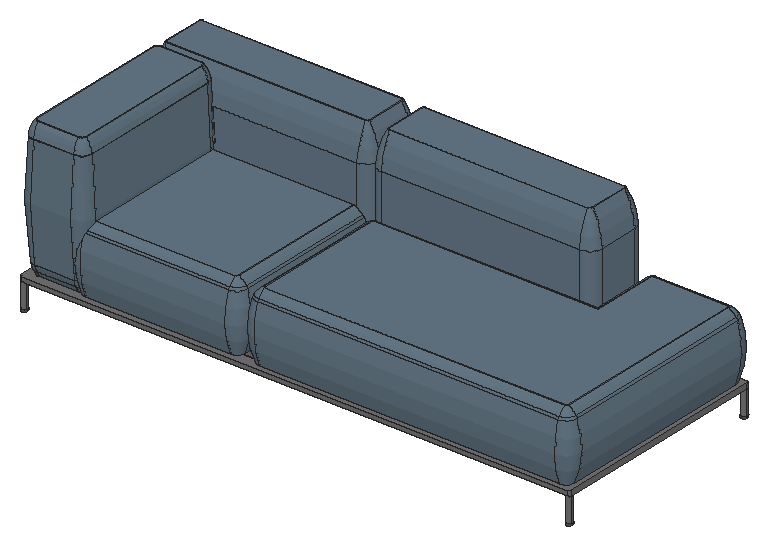
Revit family "Haworth_Mex-Hi_Sofa_Wide_OneArm-wPeninsula_PRELIMINARY", category Furniture, Revit 2018
Family settings
  OmniClass Number = 23.40.70.14.64.21
  OmniClass Title = Systems Furniture
  Work Plane-Based = No
  Always vertical = Yes
  Cut with Voids When Loaded = No
  Shared = No
  Room Calculation Point = No
Parameters (values of type "Two Seat Sofa")
  Warranty = "http://www.haworth.com/resources/product-info/warranties"
  URL - Product = "https://www.haworth.com/na/en/products/lounge-sofas/ottomans/mex-hi-seating.html"
  URL = "https://www.haworth.com/na/en/about/brands/haworth-collection.html"
  Trim Finish = Haworth _ Polymer _ Black
  Sustainability Info = "https://www.haworth.com/na/en/expertise/sustainability.html"
  Size = "Verify Final Dim. w/ Haworth"  # constant formula
  Seat Upholstery Finish [instance] = Haworth _ Leather _ Scozia _ Oceano ES-342
  Revision Number = "1"  # constant formula
  Model = "HCCSMHL"  # constant formula
  Manufacturer = "Haworth"  # constant formula
  Description = "Haworth - Cassina - Mex-Hi - Sofa - One Arm with Peninsula - Wide Two Seat"  # constant formula
  Base Finish [instance] = Haworth _ Paint _ Matte Anthracite 69-ANT
  Back Upholstery Finish [instance] = Haworth _ Leather _ Scozia _ Oceano ES-342
  Author = "Haworth (Abd Rahman)"  # constant formula
  Assembly Code = "E2020200"
  Arm Finish [instance] = Haworth _ Leather _ Scozia _ Oceano ES-342
  Actual Width = 86.60"  # constant formula
  Actual Height = 28.30"  # constant formula
  Actual Depth = 35.50"  # constant formula
Reference planes (in)
  plane 1: z = 0
  plane 2 "Center L/R": x = -6.11989
  plane 3 "Center F/B": y = -11.5
  plane 4 "Top": z = 28.3
  plane 5 "Back": y = 6.25
  plane 6 "Front": y = -29.25
  plane 7 "Right": x = 37.18011
  plane 8 "Left": x = -49.41989
  plane 9: x = -20.55323
  plane 10: x = 8.31344
Dimensions and locks (in)
  equal spacing: plane 8 "Left", plane 2 "Center L/R", plane 7 "Right"
  "Actual Width": plane 8 "Left" to plane 7 "Right"
  equal spacing: plane 5 "Back", plane 3 "Center F/B", plane 6 "Front"
  "Actual Depth": plane 5 "Back" to plane 6 "Front"
  "Actual Height": plane 4 "Top" to plane 1
  equal spacing: plane 8 "Left", plane 9, plane 10, plane 7 "Right"
  aligned and locked: plane 2 "Center L/R" to nested 1
  aligned and locked: plane 3 "Center F/B" to nested 1
  aligned and locked: plane 5 "Back" to nested 2
  aligned and locked: nested 3 to plane 7 "Right"
  aligned and locked: nested 4 to nested 3
  aligned and locked: plane 8 "Left" to nested 2
  aligned and locked: plane 8 "Left" to nested 6
  aligned and locked: plane 6 "Front" to nested 6
  aligned and locked: nested 5 to nested 3
Nested families (in)
  nested 1: "Haworth_Mex-Hi_Sofa_Base-PART" at (0, 0, 0), Base Finish <- "Base Finish", type "Base - PART"
    with Base Finish Haworth _ Paint _ Matte Anthracite 69-ANT, Three Seats no, Actual Width 86.60"
  nested 2: "Haworth_Mex-Hi_Sofa_Back-Wide-PART" at (-38.17865, 9.90612, 0) x (-1, 0, 0) z (0, 0, 1), Back Upholstery Finish <- "Back Upholstery Finish", type "Back Wide - PART - Small"
    with Back Upholstery Finish Haworth _ Leather _ Scozia _ Oceano ES-342, Extra Small no
  nested 3: "Haworth_Mex-Hi_Sofa_Seat-Wide-PART" at (15.99372, -3.94336, 0), Seat Upholstery Finish <- "Seat Upholstery Finish", type "Seat Wide - PART - Peninsula"
    with Seat Upholstery Finish Haworth _ Leather _ Scozia _ Oceano ES-342, Middle Small Seat no, Middle Large Seat no
  nested 4: "Haworth_Mex-Hi_Sofa_Back-Wide-PART" at (9.63131, 9.90612, 0), Back Upholstery Finish <- "Back Upholstery Finish", type "Back Wide - PART - Small"
    with Back Upholstery Finish Haworth _ Leather _ Scozia _ Oceano ES-342, Extra Small no
  nested 5: "Haworth_Mex-Hi_Sofa_Seat-Wide-PART" at (-22.11883, -3.81836, 0), Seat Upholstery Finish <- "Seat Upholstery Finish", type "Seat Wide - PART - L/R"
    with Seat Upholstery Finish Haworth _ Leather _ Scozia _ Oceano ES-342, Peninsula Seat no, Middle Small Seat no, Middle Large Seat no, L/R Seat yes
  nested 6: "Haworth_Mex-Hi_Sofa_Arm-Wide-PART" at (-37.25296, -6.3526, 0), Arm Finish <- "Arm Finish", type "Arm Wide - PART"
    with Arm Finish Haworth _ Leather _ Scozia _ Oceano ES-342
Definition of nested family "Haworth_Mex-Hi_Sofa_Base-PART"
  Parameters (values of type "Base - PART")
    Warranty = "http://www.haworth.com/resources/product-info/warranties"
    URL - Product = "https://www.haworth.com/na/en/products/lounge-sofas/ottomans/mex-hi-seating.html"
    URL = "https://www.haworth.com/na/en/about/brands/haworth-collection.html"
    Two Seats = yes
    Trim Finish = none
    Three Seats = yes
    Sustainability Info = "https://www.haworth.com/na/en/expertise/sustainability.html"
    Size = "Verify Final Dim. w/ Haworth"  # constant formula
    Revision Number = "1"  # constant formula
    Model = "Haworth - Cassina - Mex-Hi"  # constant formula
    Manufacturer = "Haworth"  # constant formula
    Description = "Haworth - Cassina - Mex-Hi - Sofa - Base - PART"  # constant formula
    Base Finish [instance] = none
    Author = "Haworth (Abd Rahman)"  # constant formula
    Assembly Code = "E2020200"
    Actual Width = 106.30"
    Actual Height = 28.30"  # constant formula
    Actual Depth = 35.50"
  Reference planes (in)
    plane 1: z = 0
    plane 2 "Center L/R": x = -6.11989
    plane 3 "Center F/B": y = -11.5
    plane 4 "Top": z = 28.3
    plane 5 "Back": y = 6.25
    plane 6 "Front": y = -29.25
    plane 7 "Right": x = 47.03011
    plane 8 "Left": x = -59.26989
    plane 9: x = 12.56121
    plane 10: x = 11.38011
    plane 11: x = -23.61989
    plane 12: x = -24.801
    plane 13: y = 4.4803
    plane 14: y = 3.20078
    plane 15: y = 2.01967
    plane 16: y = -4.67324
    plane 17: y = -5.85434
    plane 18: y = -24.9511
    plane 19: y = -26.1322
    plane 20: y = -27.40946
    plane 21: y = 6.04866
    plane 22: y = -28.9838
    plane 23: x = -57.4682
    plane 24: x = 45.28743
    plane 25: x = 46.85823
    plane 26: x = -59.04253
    plane 27: x = 11.9669
    plane 28: x = -24.21044
    plane 29: y = -17.07481
    plane 30: y = -5.26247
    plane 31: x = -6.6827
    plane 32: x = -5.5016
  Forms (in)
    Extrusion 1, solid, material <- "Base Finish"
      sketch origin (-0.25, 0.4375, 0) x (1, 0, 0) y (0, 1, 0)
        loop
          line (46.73209, 5.61116) -> (-58.41639, 5.61116)
          arc (-58.41639, 5.61116) -> (-58.68236, 5.50099) -> (-58.79253, 5.23502) r 0.37614
          line (-58.79253, 5.23502) -> (-58.79253, -29.03536)
          arc (-58.79253, -29.03536) -> (-58.67949, -29.30826) -> (-58.4066, -29.4213) r 0.38594
          line (-58.4066, -29.4213) -> (46.82505, -29.4213)
          arc (46.82505, -29.4213) -> (47.02529, -29.33835) -> (47.10823, -29.13811) r 0.28319
          line (47.10823, -29.13811) -> (47.10823, 5.23502)
          arc (47.10823, 5.23502) -> (46.99806, 5.50099) -> (46.73209, 5.61116) r 0.37614
        loop
          line (45.53743, -5.11074) -> (45.53743, 1.58217) -> (-57.2182, 1.58217) -> (-57.2182, -5.11074) -> (45.53743, -5.11074)
        loop
          line (-57.2182, 2.76328) -> (45.53743, 2.76328) -> (45.53743, 4.0428) -> (-57.2182, 4.0428) -> (-57.2182, 2.76328)
        loop
          line (45.53743, -6.29184) -> (-57.2182, -6.29184) -> (-57.2182, -25.3886) -> (45.53743, -25.3886) -> (45.53743, -6.29184)
        loop
          line (45.53743, -26.5697) -> (-57.2182, -26.5697) -> (-57.2182, -27.84696) -> (45.53743, -27.84696) -> (45.53743, -26.5697)
      from 4.08098 to 4.88189
    Extrusion 2, solid, material <- "Base Finish"
      sketch origin (-0.25, 0.4375, 0) x (1, 0, 0) y (0, 1, 0)
        loop
          circle (-58.39883, 5.22344) r 0.41206
        loop
          circle (46.72054, -29.02659) r 0.41206
        loop
          circle (46.72363, 5.22313) r 0.41206
        loop
          circle (-58.39602, -29.0239) r 0.41206
      from 0 to 4.08098
    Extrusion 3, solid, material <- "Trim Finish"
      sketch origin (-0.25, 0.4375, 0) x (1, 0, 0) y (0, 1, 0)
        loop
          circle (-58.39883, 5.22344) r 0.49213
        loop
          circle (-58.39883, -29.02999) r 0.49213
        loop
          circle (46.72154, 5.22344) r 0.49213
        loop
          circle (46.71782, -29.02818) r 0.49213
      from 0 to 0.23622
    Extrusion 4, solid, material <- "Base Finish", visible <- "Two Seats"
      sketch origin (0, 0, 0) x (1, 0, 0) y (0, 1, 0)
        loop
          line (-5.5016, -27.40946) -> (-5.5016, 6.04866) -> (-6.6827, 6.04866) -> (-6.6827, -27.40946) -> (-5.5016, -27.40946)
      from 4.08098 to 4.88189
    Extrusion 5, solid, material <- "Base Finish", visible <- "Three Seats"
      sketch origin (-17.68716, 0, 0) x (1, 0, 0) y (0, 1, 0)
        loop
          line (-5.93273, -27.40946) -> (-5.93273, 6.04866) -> (-7.11383, 6.04866) -> (-7.11383, -27.40946) -> (-5.93273, -27.40946)
      from 4.08098 to 4.88189
    Extrusion 6, solid, material <- "Base Finish", visible <- "Three Seats"
      sketch origin (17.7459, 0, 0) x (1, 0, 0) y (0, 1, 0)
        loop
          line (-5.1847, -27.40946) -> (-5.1847, 6.04866) -> (-6.3658, 6.04866) -> (-6.3658, -27.40946) -> (-5.1847, -27.40946)
      from 4.08098 to 4.88189
    Extrusion 7, solid, material <- "Trim Finish", visible <- "Two Seats"
      sketch origin (0, 0, 0) x (1, 0, 0) y (0, 1, 0)
        loop
          circle (-6.11989, -17.07481) r 0.49213
        loop
          circle (-6.11989, -5.26247) r 0.49213
      from 0 to 0.23622
    Extrusion 8, solid, material <- "Trim Finish", visible <- "Two Seats"
      sketch origin (0, 0, 0) x (1, 0, 0) y (0, 1, 0)
        loop
          circle (-6.11989, -17.07481) r 0.41206
        loop
          circle (-6.11989, -5.26247) r 0.41206
      from 0 to 4.08098
    Extrusion 9, solid, material <- "Trim Finish", visible <- "Three Seats"
      sketch origin (0, 0, 0) x (1, 0, 0) y (0, 1, 0)
        loop
          circle (-24.21044, -17.07481) r 0.41206
        loop
          circle (-24.21044, -5.26247) r 0.41206
        loop
          circle (11.9669, -5.26247) r 0.41206
        loop
          circle (11.9669, -17.07481) r 0.41206
      from 0 to 4.08098
    Extrusion 10, solid, material <- "Trim Finish", visible <- "Three Seats"
      sketch origin (0, 0, 0) x (1, 0, 0) y (0, 1, 0)
        loop
          circle (-24.21044, -17.07481) r 0.49213
        loop
          circle (-24.21044, -5.26247) r 0.49213
        loop
          circle (11.9669, -5.26247) r 0.49213
        loop
          circle (11.9669, -17.07481) r 0.49213
      from 0 to 0.23622
  Lines and regions (in)
    symbolic lines
      curve 1: line (-59.04253, 6.04866, 0) -> (46.85823, 6.04866, 0)
      curve 2: line (-59.04253, -28.9838, 0) -> (-59.04253, 6.04866, 0)
      curve 3: line (46.85823, -28.9838, 0) -> (-59.04253, -28.9838, 0)
      curve 4: line (46.85823, 6.04866, 0) -> (46.85823, -28.9838, 0)
      curve 5: line (-57.4682, -27.40946, 0) -> (-24.801, -27.40946, 0)
      curve 6: line (-57.4682, -26.1322, 0) -> (-57.4682, -27.40946, 0)
      curve 7: line (-24.801, -26.1322, 0) -> (-57.4682, -26.1322, 0)
      curve 8: line (-24.801, -27.40946, 0) -> (-24.801, -26.1322, 0)
      curve 9: line (11.38011, -27.40946, 0) -> (-23.61989, -27.40946, 0)
      curve 10: line (11.38011, -26.1322, 0) -> (11.38011, -27.40946, 0)
      curve 11: line (-23.61989, -26.1322, 0) -> (11.38011, -26.1322, 0)
      curve 12: line (-23.61989, -27.40946, 0) -> (-23.61989, -26.1322, 0)
      curve 13: line (12.56121, -26.1322, 0) -> (45.28743, -26.1322, 0)
      curve 14: line (12.56121, -27.40946, 0) -> (12.56121, -26.1322, 0)
      curve 15: line (45.28743, -27.40946, 0) -> (12.56121, -27.40946, 0)
      curve 16: line (45.28743, -26.1322, 0) -> (45.28743, -27.40946, 0)
      curve 17: line (45.28743, -24.9511, 0) -> (12.56121, -24.9511, 0)
      curve 18: line (45.28743, -5.85434, 0) -> (45.28743, -24.9511, 0)
      curve 19: line (12.56121, -5.85434, 0) -> (45.28743, -5.85434, 0)
      curve 20: line (12.56121, -24.9511, 0) -> (12.56121, -5.85434, 0)
      curve 21: line (45.28743, -4.67324, 0) -> (12.56121, -4.67324, 0)
      curve 22: line (45.28743, 2.01967, 0) -> (45.28743, -4.67324, 0)
      curve 23: line (12.56121, 2.01967, 0) -> (45.28743, 2.01967, 0)
      curve 25: line (11.38011, 2.01967, 0) -> (-23.61989, 2.01967, 0)
      curve 27: line (-23.61989, -4.67324, 0) -> (11.38011, -4.67324, 0)
      curve 28: line (-23.61989, 2.01967, 0) -> (-23.61989, -4.67324, 0)
      curve 29: line (-23.61989, -5.85434, 0) -> (11.38011, -5.85434, 0)
      curve 30: line (-23.61989, -24.9511, 0) -> (-23.61989, -5.85434, 0)
      curve 31: line (11.38011, -24.9511, 0) -> (-23.61989, -24.9511, 0)
      curve 32: line (11.38011, -5.85434, 0) -> (11.38011, -24.9511, 0)
      curve 33: line (-24.801, -24.9511, 0) -> (-57.4682, -24.9511, 0)
      curve 35: line (-57.4682, -5.85434, 0) -> (-24.801, -5.85434, 0)
      curve 36: line (-57.4682, -24.9511, 0) -> (-57.4682, -5.85434, 0)
      curve 37: line (-57.4682, -4.67324, 0) -> (-24.801, -4.67324, 0)
      curve 38: line (-57.4682, 2.01967, 0) -> (-57.4682, -4.67324, 0)
      curve 39: line (-24.801, 2.01967, 0) -> (-57.4682, 2.01967, 0)
      curve 40: line (-24.801, -4.67324, 0) -> (-24.801, 2.01967, 0)
      curve 41: line (-57.4682, 4.4803, 0) -> (-24.801, 4.4803, 0)
      curve 42: line (-57.4682, 3.20078, 0) -> (-57.4682, 4.4803, 0)
      curve 43: line (-24.801, 3.20078, 0) -> (-57.4682, 3.20078, 0)
      curve 44: line (-24.801, 4.4803, 0) -> (-24.801, 3.20078, 0)
      curve 45: line (11.38011, 3.20078, 0) -> (-23.61989, 3.20078, 0)
      curve 46: line (11.38011, 4.4803, 0) -> (11.38011, 3.20078, 0)
      curve 47: line (-23.61989, 4.4803, 0) -> (11.38011, 4.4803, 0)
      curve 49: line (45.28743, 3.20078, 0) -> (12.56121, 3.20078, 0)
      curve 50: line (45.28743, 4.4803, 0) -> (45.28743, 3.20078, 0)
      curve 51: line (12.56121, 4.4803, 0) -> (45.28743, 4.4803, 0)
      curve 52: line (12.56121, 3.20078, 0) -> (12.56121, 4.4803, 0)
    symbolic lines, visible <- "Three Seats"
      curve 24: line (12.56121, -27.40946, 0) -> (12.56121, 4.4803, 0)
      curve 26: line (11.38011, -27.40946, 0) -> (11.38011, 4.4803, 0)
      curve 34: line (-24.801, 4.4803, 0) -> (-24.801, -27.40946, 0)
      curve 48: line (-23.61989, -27.40946, 0) -> (-23.61989, 4.4803, 0)
    symbolic lines, visible <- "Two Seats"
      curve 53: line (-6.6827, 6.04866, 0) -> (-5.5016, 6.04866, 0)
      curve 54: line (-6.6827, -27.40946, 0) -> (-6.6827, 6.04866, 0)
      curve 55: line (-5.5016, -27.40946, 0) -> (-6.6827, -27.40946, 0)
      curve 56: line (-5.5016, 6.04866, 0) -> (-5.5016, -27.40946, 0)
  Dimensions and locks (in)
    equal spacing: plane 8 "Left", plane 2 "Center L/R", plane 7 "Right"
    "Actual Width": plane 8 "Left" to plane 7 "Right"
    equal spacing: plane 5 "Back", plane 3 "Center F/B", plane 6 "Front"
    "Actual Depth": plane 5 "Back" to plane 6 "Front"
    "Actual Height": plane 4 "Top" to plane 1
    plane 18 to plane 19 to plane 20 to plane 22 to plane 6 "Front" = 1.1811" locked, 1.27726" locked, 1.57434" locked, 0.2662" locked
    plane 5 "Back" to plane 21 to plane 13 to plane 14 to plane 15 to plane 16 to plane 17 = 0.20134" locked, 1.56835" locked, 1.27953" locked, 1.1811" locked, 6.69291" locked, 1.1811" locked
    plane 30 to plane 3 "Center F/B" to plane 29 = 6.23753" locked, 5.57481" locked
    plane 31 to plane 2 "Center L/R" to plane 32 = 0.56281" locked, 0.61829" locked
    plane 10 to plane 27 to plane 9 = 0.58679" locked, 0.59431" locked
    plane 12 to plane 28 to plane 11 = 0.59055" locked, 0.59055" locked
    plane 24 to plane 25 to plane 7 "Right" = 1.5708" locked, 0.17188" locked
    plane 8 "Left" to plane 26 to plane 23 = 0.22736" locked, 1.57433" locked
    plane 9 to plane 24 = 32.72622"
    plane 23 to plane 12 = 32.6672"
    aligned and locked: Extrusion 1 to plane 13
    aligned and locked: plane 14 to Extrusion 1
    aligned and locked: Extrusion 1 to plane 15
    aligned and locked: plane 16 to Extrusion 1
    aligned and locked: Extrusion 1 to plane 17
    aligned and locked: plane 18 to Extrusion 1
    aligned and locked: Extrusion 1 to plane 19
    aligned and locked: Extrusion 1 to plane 20
    aligned and locked: plane 26 to Extrusion 1  (x2)
    aligned and locked: Extrusion 1 to plane 23  (x4)
    aligned and locked: Extrusion 1 to plane 25  (x2)
    aligned and locked: plane 24 to Extrusion 1  (x4)
    aligned and locked: curve 2 to plane 26
    aligned and locked: plane 21 to Extrusion 1
    aligned and locked: plane 14 to curve 43
    aligned and locked: plane 15 to curve 39
    aligned and locked: curve 37 to plane 16
    aligned and locked: curve 35 to plane 17
    aligned and locked: plane 18 to curve 33
    aligned and locked: plane 19 to curve 7
    aligned and locked: plane 20 to curve 5
    aligned and locked: plane 23 to curve 6
    aligned and locked: curve 36 to plane 23
    aligned and locked: plane 23 to curve 38
    aligned and locked: curve 42 to plane 23
    aligned and locked: plane 12 to curve 44
    aligned and locked: curve 40 to plane 12
    aligned and locked: curve 8 to plane 12
    aligned and locked: curve 12 to plane 11
    aligned and locked: curve 30 to plane 11
    aligned and locked: plane 11 to curve 28
    aligned and locked: plane 10 to curve 46
    aligned and locked: curve 26 to plane 10
    aligned and locked: plane 10 to curve 32
    aligned and locked: plane 10 to curve 10
    aligned and locked: curve 14 to plane 9
    aligned and locked: curve 20 to plane 9
    aligned and locked: curve 52 to plane 9
    aligned and locked: plane 24 to curve 50
    aligned and locked: plane 24 to curve 22
    aligned and locked: plane 24 to curve 18
    aligned and locked: plane 24 to curve 16
    aligned and locked: plane 25 to curve 4
    aligned and locked: Extrusion 1 to plane 22
    aligned and locked: curve 15 to plane 20
    aligned and locked: curve 13 to plane 19
    aligned and locked: plane 18 to curve 17
    aligned and locked: curve 19 to plane 17
    aligned and locked: plane 16 to curve 21
    aligned and locked: curve 23 to plane 15
    aligned and locked: plane 14 to curve 49
    aligned and locked: curve 51 to plane 13
    aligned and locked: curve 1 to plane 21
    aligned and locked: curve 47 to plane 13
    aligned and locked: plane 14 to curve 45
    aligned and locked: plane 15 to curve 25
    aligned and locked: curve 27 to plane 16
    aligned and locked: curve 29 to plane 17
    aligned and locked: plane 18 to curve 31
    aligned and locked: curve 11 to plane 19
    aligned and locked: curve 9 to plane 20
    aligned and locked: plane 22 to curve 3
    aligned and locked: plane 15 to nested 1
    aligned and locked: plane 15 to nested 5
    aligned and locked: plane 15 to nested 6
    aligned and locked: plane 15 to nested 11
    aligned and locked: plane 15 to nested 17
    aligned and locked: plane 15 to nested 12
    aligned and locked: plane 17 to nested 18
    aligned and locked: plane 17 to nested 16
    aligned and locked: plane 17 to nested 13
    aligned and locked: plane 17 to nested 10
    aligned and locked: plane 17 to nested 7
    aligned and locked: plane 17 to nested 2
    aligned and locked: plane 17 to nested 19
    aligned and locked: nested 3 to plane 18
    aligned and locked: nested 4 to plane 18
    aligned and locked: nested 8 to plane 18
    aligned and locked: nested 9 to plane 18
    aligned and locked: nested 15 to plane 18
    aligned and locked: nested 14 to plane 18
    aligned and locked: nested 4 to Extrusion 1
    aligned and locked: Extrusion 1 to Extrusion 4  (x2)
    aligned and locked: Extrusion 4 to plane 32
    aligned and locked: plane 31 to Extrusion 4
    aligned and locked: plane 32 to Extrusion 4 sketch curve
    aligned and locked: Extrusion 4 sketch curve to plane 31
    aligned and locked: Extrusion 4 sketch curve to plane 21
    aligned and locked: Extrusion 4 sketch curve to plane 20
    aligned and locked: plane 9 to Extrusion 6 sketch curve
    aligned and locked: Extrusion 6 sketch curve to plane 10
    aligned and locked: Extrusion 6 sketch curve to plane 21
    aligned and locked: Extrusion 6 sketch curve to plane 20
    aligned and locked: plane 11 to Extrusion 5 sketch curve
    aligned and locked: Extrusion 5 sketch curve to plane 12
    aligned and locked: Extrusion 5 sketch curve to plane 21
    aligned and locked: Extrusion 5 sketch curve to plane 20
    aligned and locked: plane 29 to Extrusion 7 sketch curve
    aligned and locked: plane 2 "Center L/R" to Extrusion 7 sketch curve  (x2)
    aligned and locked: plane 30 to Extrusion 7 sketch curve
    aligned and locked: Extrusion 3 to Extrusion 7
    aligned and locked: plane 29 to Extrusion 8 sketch curve
    aligned and locked: plane 2 "Center L/R" to Extrusion 8 sketch curve  (x2)
    aligned and locked: plane 30 to Extrusion 8 sketch curve
    aligned and locked: Extrusion 8 to Extrusion 1
    aligned and locked: plane 29 to Extrusion 9 sketch curve  (x2)
    aligned and locked: plane 30 to Extrusion 9 sketch curve  (x2)
    aligned and locked: plane 28 to Extrusion 9 sketch curve  (x2)
    aligned and locked: plane 27 to Extrusion 9 sketch curve  (x2)
    aligned and locked: Extrusion 9 to Extrusion 1
    aligned and locked: plane 28 to Extrusion 10 sketch curve  (x2)
    aligned and locked: plane 27 to Extrusion 10 sketch curve  (x2)
    aligned and locked: plane 30 to Extrusion 10 sketch curve  (x2)
    aligned and locked: plane 29 to Extrusion 10 sketch curve  (x2)
    aligned and locked: Extrusion 10 to Extrusion 7
  Automatic sketch dimensions
    Extrusion 1 sketch curve to plane 26 = 0.00"
    Extrusion 1 sketch curve to plane 21 = 0.00"
    Extrusion 1 sketch curve to plane 22 = 0.00"
    plane 20 to Extrusion 1 sketch curve = 0.00"
    Extrusion 1 sketch curve to plane 23 = 0.00"  (x4)
    Extrusion 1 sketch curve to plane 18 = 0.00"
    Extrusion 1 sketch curve to plane 13 = 0.00"
    Extrusion 1 sketch curve to plane 16 = 0.00"
    Extrusion 1 sketch curve to plane 24 = 0.00"  (x4)
    Extrusion 1 sketch curve to plane 14 = 0.00"
    Extrusion 1 sketch curve to plane 15 = 0.00"
    Extrusion 1 sketch curve to plane 25 = 0.00"
    Extrusion 1 sketch curve to plane 19 = 0.00"
    Extrusion 1 sketch curve to plane 17 = 0.00"
    Extrusion 1 sketch curve to Extrusion 1 sketch curve = 0.37614"
    plane 22 to Extrusion 1 sketch curve = 0.38594"
    plane 25 to Extrusion 1 sketch curve = 0.37614"
    Extrusion 1 sketch curve to Extrusion 1 sketch curve = 0.28319"
    Extrusion 2 sketch curve to plane 26 = 0.39651"
    Extrusion 2 sketch curve to plane 26 = 0.3937"
    plane 25 to Extrusion 2 sketch curve = 0.38769"
    plane 25 to Extrusion 2 sketch curve = 0.3846"
    plane 22 to Extrusion 2 sketch curve = 0.39739"
    plane 22 to Extrusion 2 sketch curve = 0.39471"
    Extrusion 2 sketch curve to plane 21 = 0.38803"
    Extrusion 2 sketch curve to plane 21 = 0.38772"
    Extrusion 3 sketch curve to plane 26 = 0.3937"  (x2)
    plane 25 to Extrusion 3 sketch curve = 0.39041"
    plane 25 to Extrusion 3 sketch curve = 0.38669"
    plane 22 to Extrusion 3 sketch curve = 0.39311"
    plane 22 to Extrusion 3 sketch curve = 0.39131"
    Extrusion 3 sketch curve to plane 21 = 0.38772"  (x2)
    plane 20 to curve 55 = 0.00"
    curve 55 to plane 31 = 0.00"
    curve 55 to plane 32 = 0.00"
    curve 44 to plane 13 = 0.00"
    curve 53 to plane 21 = 0.00"
    radius of Extrusion 2 sketch curve = 0.41206"  (x4)
    radius of Extrusion 3 sketch curve = 0.49213"  (x4)
    radius of Extrusion 7 sketch curve = 0.49213"  (x2)
    radius of Extrusion 8 sketch curve = 0.41206"  (x2)
    radius of Extrusion 9 sketch curve = 0.41206"  (x4)
    radius of Extrusion 10 sketch curve = 0.49213"  (x4)
  Nested families (in)
    nested 1: "Haworth_Mex-Hi_Sofa_Knob-PART" at (-49.35041, 13.65777, 0), visible <- "Three Seats", type "Knob - PART"
    nested 2: "Haworth_Mex-Hi_Sofa_Knob-PART" at (-49.35041, 5.78375, 0), visible <- "Three Seats", type "Knob - PART"
    nested 3: "Haworth_Mex-Hi_Sofa_Knob-PART" at (-49.35041, -14.04791, 0), visible <- "Three Seats", type "Knob - PART"
    nested 4: "Haworth_Mex-Hi_Sofa_Knob-PART" at (-41.10041, -14.04791, 0.00098), type "Knob - PART"
    nested 5: "Haworth_Mex-Hi_Sofa_Knob-PART" at (-21.10041, 13.65777, 0), type "Knob - PART"
    nested 6: "Haworth_Mex-Hi_Sofa_Knob-PART" at (-13.66357, 13.65777, 0), type "Knob - PART"
    nested 7: "Haworth_Mex-Hi_Sofa_Knob-PART" at (-13.66357, 5.78375, 0), type "Knob - PART"
    nested 8: "Haworth_Mex-Hi_Sofa_Knob-PART" at (-13.66357, -14.04791, 0), type "Knob - PART"
    nested 9: "Haworth_Mex-Hi_Sofa_Knob-PART" at (14.33643, -14.04791, 0), type "Knob - PART"
    nested 10: "Haworth_Mex-Hi_Sofa_Knob-PART" at (14.33643, 5.78375, 0), type "Knob - PART"
    nested 11: "Haworth_Mex-Hi_Sofa_Knob-PART" at (14.33643, 13.65777, 0), type "Knob - PART"
    nested 12: "Haworth_Mex-Hi_Sofa_Knob-PART" at (21.51753, 13.65777, 0), type "Knob - PART"
    nested 13: "Haworth_Mex-Hi_Sofa_Knob-PART" at (21.51753, 5.78375, 0), type "Knob - PART"
    nested 14: "Haworth_Mex-Hi_Sofa_Knob-PART" at (21.51753, -14.04791, 0), type "Knob - PART"
    nested 15: "Haworth_Mex-Hi_Sofa_Knob-PART" at (41.58464, -14.04791, 0), type "Knob - PART"
    nested 16: "Haworth_Mex-Hi_Sofa_Knob-PART" at (41.58464, 5.78375, 0), type "Knob - PART"
    nested 17: "Haworth_Mex-Hi_Sofa_Knob-PART" at (49.58464, 13.65777, 0), visible <- "Three Seats", type "Knob - PART"
    nested 18: "Haworth_Mex-Hi_Sofa_Knob-PART" at (49.58464, 5.78375, 0), visible <- "Three Seats", type "Knob - PART"
    nested 19: "Haworth_Mex-Hi_Sofa_Knob-PART" at (-41.10041, 5.78375, 0), type "Knob - PART"
  Definition of nested family "Haworth_Mex-Hi_Sofa_Knob-PART"
    Parameters (values of type "Knob - PART")
      Warranty = "http://www.haworth.com/resources/product-info/warranties"
      URL - Product = "https://www.haworth.com/na/en/products/lounge-sofas/ottomans/mex-hi-seating.html"
      URL = "https://www.haworth.com/na/en/about/brands/haworth-collection.html"
      Trim Finish = none
      Sustainability Info = "https://www.haworth.com/na/en/expertise/sustainability.html"
      Size = "Verify Final Dim. w/ Haworth"  # constant formula
      Revision Number = "1"  # constant formula
      Model = "Haworth - Cassina - Mex-Hi"  # constant formula
      Manufacturer = "Haworth"  # constant formula
      Description = "Haworth - Cassina - Mex-Hi - Sofa - Knob - PART"  # constant formula
      Author = "Haworth (Abd Rahman)"  # constant formula
      Assembly Code = "E2020200"
      Actual Width = 1.67"  # constant formula
      Actual Height = 4.08"  # constant formula
      Actual Depth = 1.47"  # constant formula
    Reference planes (in)
      plane 1: z = 0
      plane 2 "Center L/R": x = -6.1322
      plane 3 "Top": z = 4.08
      plane 4: x = -5.2972
      plane 5: x = -6.9672
      plane 6: y = -10.90319
      plane 7: y = -12.373
      plane 8: y = -11.6381
    Forms (in)
      Extrusion 1, solid, material <- "Trim Finish"
        sketch origin (0, 0, 0) x (1, 0, 0) y (0, 1, 0)
          loop
            arc (-6.96571, -11.20052) -> (-6.96593, -11.22622) -> (-6.95004, -11.24643) r 0.03882
            arc (-6.95004, -11.24643) -> (-6.5066, -11.70956) -> (-6.32724, -12.32516) r 1.34831
            arc (-6.32724, -12.32516) -> (-6.31768, -12.34902) -> (-6.29531, -12.36168) r 0.03882
            arc (-6.29531, -12.36168) -> (-6.12907, -12.37648) -> (-5.96283, -12.36168) r 0.94089
            arc (-5.96283, -12.36168) -> (-5.93846, -12.34653) -> (-5.93115, -12.31878) r 0.03882
            arc (-5.93115, -12.31878) -> (-5.74775, -11.6992) -> (-5.2972, -11.23603) r 1.34873
            arc (-5.2972, -11.23603) -> (-5.29048, -11.21886) -> (-5.29243, -11.20052) r 0.03882
            arc (-5.29243, -11.20052) -> (-5.36273, -11.04915) -> (-5.45867, -10.91258) r 0.94086
            arc (-5.45867, -10.91258) -> (-5.48082, -10.89954) -> (-5.50626, -10.90319) r 0.03882
            arc (-5.50626, -10.90319) -> (-6.12907, -11.05565) -> (-6.75188, -10.90319) r 1.34833
            arc (-6.75188, -10.90319) -> (-6.77732, -10.89954) -> (-6.79947, -10.91258) r 0.03882
            arc (-6.79947, -10.91258) -> (-6.89541, -11.04915) -> (-6.96571, -11.20052) r 0.94087
        from 3.49028 to 3.88235
      Extrusion 2, solid, material <- "Trim Finish"
        sketch origin (0, 0, 0) x (1, 0, 0) y (0, 1, 0)
          loop
            circle (-6.1322, -11.5) r 0.37215
        from 3.88235 to 4.08098
    Cuts and joins
      joined: Extrusion 1, Extrusion 2
    Lines and regions (in)
      symbolic lines
        curve 1: arc (-5.50626, -10.90319, 0) -> (-6.12907, -11.05565, 0) -> (-6.75188, -10.90319, 0) r 1.34833
        curve 2: arc (-5.45867, -10.91258, 0) -> (-5.48082, -10.89954, 0) -> (-5.50626, -10.90319, 0) r 0.03882
        curve 3: arc (-5.29243, -11.20052, 0) -> (-5.36273, -11.04915, 0) -> (-5.45867, -10.91258, 0) r 0.94086
        curve 4: arc (-5.2972, -11.23603, 0) -> (-5.29048, -11.21886, 0) -> (-5.29243, -11.20052, 0) r 0.03882
        curve 5: arc (-5.93115, -12.31878, 0) -> (-5.74775, -11.6992, 0) -> (-5.2972, -11.23603, 0) r 1.34873
        curve 6: arc (-5.96283, -12.36168, 0) -> (-5.93846, -12.34653, 0) -> (-5.93115, -12.31878, 0) r 0.03882
        curve 7: arc (-6.29531, -12.36168, 0) -> (-6.12907, -12.37648, 0) -> (-5.96283, -12.36168, 0) r 0.94089
        curve 8: arc (-6.32724, -12.32516, 0) -> (-6.31768, -12.34902, 0) -> (-6.29531, -12.36168, 0) r 0.03882
        curve 9: arc (-6.95004, -11.24643, 0) -> (-6.5066, -11.70956, 0) -> (-6.32724, -12.32516, 0) r 1.34831
        curve 10: arc (-6.96571, -11.20052, 0) -> (-6.96593, -11.22622, 0) -> (-6.95004, -11.24643, 0) r 0.03882
        curve 11: arc (-6.79947, -10.91258, 0) -> (-6.89541, -11.04915, 0) -> (-6.96571, -11.20052, 0) r 0.94087
        curve 12: arc (-6.75188, -10.90319, 0) -> (-6.77732, -10.89954, 0) -> (-6.79947, -10.91258, 0) r 0.03882
    Dimensions and locks (in)
      equal spacing: plane 7, plane 8, plane 6
      plane 6 to plane 7 = 1.46981"
      equal spacing: plane 5, plane 2 "Center L/R", plane 4
      "Actual Width": plane 5 to plane 4
      "Actual Height": plane 3 "Top" to level
    Automatic sketch dimensions
      Extrusion 1 sketch curve to plane 2 "Center L/R" = 0.15625"
      Extrusion 1 sketch curve to plane 2 "Center L/R" = 0.6376"
      Extrusion 1 sketch curve to Extrusion 1 sketch curve = 0.15938"  (x2)
      Extrusion 1 sketch curve to plane 2 "Center L/R" = 1.54206"
      Extrusion 1 sketch curve to plane 2 "Center L/R" = 0.04533"
      Extrusion 1 sketch curve to Extrusion 1 sketch curve = 0.04847"
      plane 2 "Center L/R" to Extrusion 1 sketch curve = 0.00314"
      Extrusion 1 sketch curve to Extrusion 1 sketch curve = 0.09695"
      Extrusion 1 sketch curve to Extrusion 1 sketch curve = 0.31877"
      plane 2 "Center L/R" to Extrusion 1 sketch curve = 0.64387"
      Extrusion 1 sketch curve to Extrusion 1 sketch curve = 0.74511"
      Extrusion 1 sketch curve to Extrusion 1 sketch curve = 0.00"  (x11)
      Extrusion 1 sketch curve to Extrusion 1 sketch curve = 0.00001"
      Extrusion 1 sketch curve to Extrusion 1 sketch curve = 0.08398"
      Extrusion 1 sketch curve to Extrusion 1 sketch curve = 0.27606"  (x2)
      Extrusion 1 sketch curve to Extrusion 1 sketch curve = 1.2303"
      Extrusion 1 sketch curve to plane 2 "Center L/R" = 0.16311"
      Extrusion 1 sketch curve to Extrusion 1 sketch curve = 0.01793"
      Extrusion 2 sketch curve to plane 2 "Center L/R" = 0.00"
      plane 6 to Extrusion 1 sketch curve = 0.00"  (x2)
      Extrusion 1 sketch curve to plane 4 = 0.00"
      plane 6 to Extrusion 1 sketch curve = 0.5324"
      plane 7 to Extrusion 1 sketch curve = 0.04953"
      Extrusion 1 sketch curve to plane 7 = 0.01071"
      plane 6 to Extrusion 2 sketch curve = 0.59681"
      plane 6 to curve 1 = 0.00"  (x2)
      plane 6 to curve 2 = 0.00"
      plane 2 "Center L/R" to curve 1 = 0.00314"
      plane 6 to curve 2 = 0.03443"
      plane 4 to curve 2 = 0.19113"
      curve 1 to plane 6 = 1.19587"
      plane 6 to curve 2 = 0.00939"
      curve 3 to plane 2 "Center L/R" = 0.04533"
      curve 3 to curve 2 = 0.00"
      curve 3 to plane 4 = 0.00477"
      curve 4 to plane 4 = 0.00"
      plane 4 to curve 4 = 0.03174"
      curve 4 to curve 3 = 0.00"
      curve 5 to plane 7 = 0.00766"
      curve 5 to plane 4 = 0.71336"
      plane 7 to curve 5 = 0.05423"
      curve 6 to curve 5 = 0.03853"
      curve 6 to curve 5 = 0.0047"
      plane 7 to curve 6 = 0.01132"
      plane 2 "Center L/R" to curve 7 = 0.00314"
      plane 7 to curve 7 = 0.01132"
      curve 7 to plane 2 "Center L/R" = 0.16311"
      curve 7 to curve 8 = 0.00686"
      curve 8 to curve 8 = 0.03878"
      curve 8 to curve 7 = 0.00"
      curve 9 to plane 7 = 0.01071"
      curve 9 to plane 5 = 0.01716"
      curve 9 to curve 8 = 0.00"
      curve 10 to plane 5 = 0.03801"
      curve 10 to plane 5 = 0.0015"
      curve 10 to curve 9 = 0.00"
      plane 2 "Center L/R" to curve 11 = 0.05162"
      curve 11 to curve 10 = 0.00"
      plane 6 to curve 11 = 0.00939"
      plane 6 to curve 12 = 0.00"
      radius of Extrusion 2 sketch curve = 0.37215"
Definition of nested family "Haworth_Mex-Hi_Sofa_Back-Wide-PART"
  Parameters (values of type "Back Wide - PART - Small")
    Warranty = "http://www.haworth.com/resources/product-info/warranties"
    URL - Product = "https://www.haworth.com/na/en/products/lounge-sofas/ottomans/mex-hi-seating.html"
    URL = "https://www.haworth.com/na/en/about/brands/haworth-collection.html"
    Sustainability Info = "https://www.haworth.com/na/en/expertise/sustainability.html"
    Small = yes
    Size = "Verify Final Dim. w/ Haworth"  # constant formula
    Seat Height = 17.00"  # constant formula
    Revision Number = "1"  # constant formula
    Model = "Haworth - Cassina - Mex-Hi"  # constant formula
    Manufacturer = "Haworth"  # constant formula
    Large = no
    Extra Small = yes
    Description = "Haworth - Cassina - Mex-Hi - Back - Wide - PART"  # constant formula
    Back Upholstery Finish [instance] = none
    Author = "Haworth (Abd Rahman)"  # constant formula
    Assembly Code = "E2020200"
    Actual Width = 35.43"  # constant formula
    Actual Height = 27.39844"  # constant formula
    Actual Depth = 10.60"  # constant formula
  Types (2): name | Small | Large
    Back Wide - PART - Small | yes | no
    Back Wide - PART - Large | no | yes
  Reference planes (in)
    plane 1: z = 0
    plane 2 "Top": z = 27.39844
    plane 3: z = 17
    plane 4 "Right": x = 11.24124
    plane 5 "Left": x = -24.18876
    plane 6 "Center (Left/Right)": x = -6.47376
    plane 7 "Back": y = -3.65612
    plane 8 "Front": y = -14.25612
    plane 9 "Center (Front/Back)": y = -8.95612
    plane 10: x = -20.15376
    plane 11: x = 7.20624
  Forms (in)
    Extrusion 1, solid, material <- "Back Upholstery Finish", visible <- "Small"
      sketch origin (0, 0.1875, 0) x (1, 0, 0) y (0, 1, 0)
        loop
          line (-22.40055, -6.01823) -> (-22.40055, -12.26715)
          arc (-22.40055, -12.26715) -> (-22.28726, -12.54067) -> (-22.01374, -12.65397) r 0.38681
          line (-22.01374, -12.65397) -> (9.07786, -12.65397)
          arc (9.07786, -12.65397) -> (9.35138, -12.54067) -> (9.46468, -12.26715) r 0.38681
          line (9.46468, -12.26715) -> (9.46468, -6.01823)
          arc (9.46468, -6.01823) -> (9.35138, -5.74471) -> (9.07786, -5.63141) r 0.38681
          line (9.07786, -5.63141) -> (-22.01374, -5.63141)
          arc (-22.01374, -5.63141) -> (-22.28726, -5.74471) -> (-22.40055, -6.01823) r 0.38681
      from 4.93145 to 26.69365
    Sweep 2, solid, material <- "Back Upholstery Finish", visible <- "Small"
      path origin (0, 0.1875, 0) x (1, 0, 0) y (0, 1, 0)
        loop
          arc (-22.01374, -5.51823) -> (-22.36729, -5.66467) -> (-22.51374, -6.01823) r 0.5
          line (-22.51374, -6.01823) -> (-22.51374, -12.26715)
          arc (-22.51374, -12.26715) -> (-22.36729, -12.62071) -> (-22.01374, -12.76715) r 0.5
          line (-22.01374, -12.76715) -> (9.07786, -12.76715)
          arc (9.07786, -12.76715) -> (9.43142, -12.62071) -> (9.57786, -12.26715) r 0.5
          line (9.57786, -12.26715) -> (9.57786, -6.01823)
          arc (9.57786, -6.01823) -> (9.43142, -5.66467) -> (9.07786, -5.51823) r 0.5
          line (9.07786, -5.51823) -> (-22.01374, -5.51823)
      profile origin (-6.46794, -5.33073, 0) x (0, 1, 0) y (0, 0, 1)
        loop
          arc (1.49021, 21.44568) -> (0.98441, 24.16007) -> (-0.11319, 26.69365) r 12.32019
          line (-0.11319, 26.69365) -> (-0.11319, 4.93145)
          arc (-0.11319, 4.93145) -> (0.96903, 7.99176) -> (1.49021, 11.19568) r 18.19442
          arc (1.49021, 11.19568) -> (1.67463, 16.32068) -> (1.49021, 21.44568) r 71.30597
    Sweep 3, solid, material <- "Back Upholstery Finish", visible <- "Large"
      path origin (0, 0.1875, 0) x (1, 0, 0) y (0, 1, 0)
        loop
          arc (-29.78736, -5.63141) -> (-30.14092, -5.77786) -> (-30.28736, -6.13141) r 0.5
          line (-30.28736, -6.13141) -> (-30.28736, -12.15397)
          arc (-30.28736, -12.15397) -> (-30.14092, -12.50752) -> (-29.78736, -12.65397) r 0.5
          line (-29.78736, -12.65397) -> (8.96468, -12.65397)
          arc (8.96468, -12.65397) -> (9.31823, -12.50752) -> (9.46468, -12.15397) r 0.5
          line (9.46468, -12.15397) -> (9.46468, -6.13141)
          arc (9.46468, -6.13141) -> (9.31823, -5.77786) -> (8.96468, -5.63141) r 0.5
          line (8.96468, -5.63141) -> (-29.78736, -5.63141)
      profile origin (-10.41134, -5.44391, 0) x (0, 1, 0) y (0, 0, 1)
        loop
          arc (1.49021, 21.44568) -> (0.98441, 24.16007) -> (-0.11319, 26.69365) r 12.32019
          line (-0.11319, 26.69365) -> (-0.11319, 4.93145)
          arc (-0.11319, 4.93145) -> (0.96903, 7.99176) -> (1.49021, 11.19568) r 18.19442
          arc (1.49021, 11.19568) -> (1.67463, 16.32068) -> (1.49021, 21.44568) r 71.30597
    Extrusion 4, solid, material <- "Back Upholstery Finish", visible <- "Large"
      sketch origin (0, 0.1875, 0) x (1, 0, 0) y (0, 1, 0)
        loop
          line (-30.17418, -6.13141) -> (-30.17418, -12.15397)
          arc (-30.17418, -12.15397) -> (-30.06088, -12.42749) -> (-29.78736, -12.54078) r 0.38681
          line (-29.78736, -12.54078) -> (8.96468, -12.54078)
          arc (8.96468, -12.54078) -> (9.2382, -12.42749) -> (9.35149, -12.15397) r 0.38681
          line (9.35149, -12.15397) -> (9.35149, -6.13141)
          arc (9.35149, -6.13141) -> (9.2382, -5.85789) -> (8.96468, -5.7446) r 0.38681
          line (8.96468, -5.7446) -> (-29.78736, -5.7446)
          arc (-29.78736, -5.7446) -> (-30.06088, -5.85789) -> (-30.17418, -6.13141) r 0.38681
      from 4.93145 to 26.69365
    Sweep 5, solid, material <- "Back Upholstery Finish", visible <- "Extra Small"
      path origin (0, 0.1875, 0) x (1, 0, 0) y (0, 1, 0)
        loop
          arc (-17.90376, -5.51823) -> (-18.25731, -5.66467) -> (-18.40376, -6.01823) r 0.5
          line (-18.40376, -6.01823) -> (-18.40376, -12.26715)
          arc (-18.40376, -12.26715) -> (-18.25731, -12.62071) -> (-17.90376, -12.76715) r 0.5
          line (-17.90376, -12.76715) -> (4.95624, -12.76715)
          arc (4.95624, -12.76715) -> (5.30979, -12.62071) -> (5.45624, -12.26715) r 0.5
          line (5.45624, -12.26715) -> (5.45624, -6.01823)
          arc (5.45624, -6.01823) -> (5.30979, -5.66467) -> (4.95624, -5.51823) r 0.5
          line (4.95624, -5.51823) -> (-17.90376, -5.51823)
      profile origin (-6.47376, -5.33073, 0) x (0, 1, 0) y (0, 0, 1)
        loop
          arc (1.49021, 21.44568) -> (0.98441, 24.16007) -> (-0.11319, 26.69365) r 12.32019
          line (-0.11319, 26.69365) -> (-0.11319, 4.93145)
          arc (-0.11319, 4.93145) -> (0.96903, 7.99176) -> (1.49021, 11.19568) r 18.19442
          arc (1.49021, 11.19568) -> (1.67463, 16.32068) -> (1.49021, 21.44568) r 71.30597
    Extrusion 6, solid, material <- "Back Upholstery Finish", visible <- "Extra Small"
      sketch origin (0, 0.1875, 0) x (1, 0, 0) y (0, 1, 0)
        loop
          line (-18.29057, -6.01823) -> (-18.29057, -12.26715)
          arc (-18.29057, -12.26715) -> (-18.17728, -12.54067) -> (-17.90376, -12.65397) r 0.38681
          line (-17.90376, -12.65397) -> (4.95624, -12.65397)
          arc (4.95624, -12.65397) -> (5.22976, -12.54067) -> (5.34306, -12.26715) r 0.38681
          line (5.34306, -12.26715) -> (5.34306, -6.01823)
          arc (5.34306, -6.01823) -> (5.22976, -5.74471) -> (4.95624, -5.63141) r 0.38681
          line (4.95624, -5.63141) -> (-17.90376, -5.63141)
          arc (-17.90376, -5.63141) -> (-18.17728, -5.74471) -> (-18.29057, -6.01823) r 0.38681
      from 4.93145 to 26.69365
  Lines and regions (in)
    Masking region 1, visible <- "Large"
      outline origin (0, 0, 0) x (1, 0, 0) y (0, 1, 0)
        loop
          line (-31.95339, -5.80612) -> (-31.95339, -12.10612)
          arc (-31.95339, -12.10612) -> (-31.32367, -13.6264) -> (-29.80339, -14.25612) r 2.15
          line (-29.80339, -14.25612) -> (9.0884, -14.25612)
          arc (9.0884, -14.25612) -> (10.61069, -13.62556) -> (11.24124, -12.10328) r 2.15284
          line (11.24124, -12.10328) -> (11.24124, -5.80612)
          arc (11.24124, -5.80612) -> (10.61152, -4.28584) -> (9.09124, -3.65612) r 2.15
          line (9.09124, -3.65612) -> (-29.80339, -3.65612)
          arc (-29.80339, -3.65612) -> (-31.32367, -4.28584) -> (-31.95339, -5.80612) r 2.15
    Masking region 2, visible <- "Small"
      outline origin (0, 0, 0) x (1, 0, 0) y (0, 1, 0)
        loop
          line (-24.18876, -5.80612) -> (-24.18876, -12.10612)
          arc (-24.18876, -12.10612) -> (-23.55904, -13.6264) -> (-22.03876, -14.25612) r 2.15
          line (-22.03876, -14.25612) -> (9.0884, -14.25612)
          arc (9.0884, -14.25612) -> (10.61069, -13.62556) -> (11.24124, -12.10328) r 2.15284
          line (11.24124, -12.10328) -> (11.24124, -5.80612)
          arc (11.24124, -5.80612) -> (10.61152, -4.28584) -> (9.09124, -3.65612) r 2.15
          line (9.09124, -3.65612) -> (-22.03876, -3.65612)
          arc (-22.03876, -3.65612) -> (-23.55904, -4.28584) -> (-24.18876, -5.80612) r 2.15
    Masking region 3, visible <- "Extra Small"
      outline origin (0, 0, 0) x (1, 0, 0) y (0, 1, 0)
        loop
          line (-20.15376, -5.80612) -> (-20.15376, -12.10612)
          arc (-20.15376, -12.10612) -> (-19.52404, -13.6264) -> (-18.00376, -14.25612) r 2.15
          line (-18.00376, -14.25612) -> (5.0534, -14.25612)
          arc (5.0534, -14.25612) -> (6.57569, -13.62556) -> (7.20624, -12.10328) r 2.15284
          line (7.20624, -12.10328) -> (7.20624, -5.80612)
          arc (7.20624, -5.80612) -> (6.57652, -4.28584) -> (5.05624, -3.65612) r 2.15
          line (5.05624, -3.65612) -> (-18.00376, -3.65612)
          arc (-18.00376, -3.65612) -> (-19.52404, -4.28584) -> (-20.15376, -5.80612) r 2.15
  Dimensions and locks (in)
    "Actual Height": plane 2 "Top" to plane 1
    "Seat Height": plane 3 to level
    equal spacing: plane 5 "Left", plane 6 "Center (Left/Right)", plane 4 "Right"
    "Actual Width": plane 5 "Left" to plane 4 "Right"
    equal spacing: plane 8 "Front", plane 9 "Center (Front/Back)", plane 7 "Back"
    "Actual Depth": plane 8 "Front" to plane 7 "Back"
    Masking region 3 sketch curve to plane 6 "Center (Left/Right)" to Masking region 3 sketch curve = 13.68", 13.68"
  Automatic sketch dimensions
    Extrusion 1 sketch curve to plane 5 "Left" = 1.78821"
    Extrusion 1 sketch curve to Extrusion 1 sketch curve = 0.38681"  (x3)
    Extrusion 1 sketch curve to plane 4 "Right" = 2.16338"  (x2)
    plane 8 "Front" to Extrusion 1 sketch curve = 1.78965"
    plane 7 "Back" to Extrusion 1 sketch curve = 2.17461"
    Sweep 2 sketch curve to plane 5 "Left" = 1.67502"
    Sweep 2 sketch curve to Sweep 2 sketch curve = 0.50"  (x3)
    Sweep 2 sketch curve to plane 4 "Right" = 2.16338"  (x2)
    plane 8 "Front" to Sweep 2 sketch curve = 1.67646"
    plane 7 "Back" to Sweep 2 sketch curve = 2.17461"
    level to Sweep 2 sketch curve = 16.32068"
    profile plane to Sweep 2 sketch curve = 69.63135"
    profile plane to Sweep 2 sketch curve = 16.65715"
    Sweep 2 sketch curve to Sweep 2 sketch curve = 5.85904"
    profile plane to Sweep 2 sketch curve = 0.11319"
    level to Sweep 2 sketch curve = 12.50337"
    level to Sweep 2 sketch curve = 4.93145"
    Sweep 2 sketch curve to Sweep 2 sketch curve = 8.05681"
    Sweep 2 sketch curve to Sweep 2 sketch curve = 6.13346"
    Sweep 2 sketch curve to Sweep 2 sketch curve = 0.00"
    Masking region 1 sketch curve to plane 8 "Front" = 0.00"
    plane 7 "Back" to Masking region 1 sketch curve = 0.00"
    Masking region 1 sketch curve to plane 4 "Right" = 0.00"
    Masking region 1 sketch curve to plane 4 "Right" = 2.15"
    Masking region 1 sketch curve to Masking region 1 sketch curve = 2.15284"
    plane 7 "Back" to Masking region 1 sketch curve = 2.15"
    plane 5 "Left" to Masking region 1 sketch curve = 5.61464"
    Masking region 1 sketch curve to Masking region 1 sketch curve = 2.15"
    plane 8 "Front" to Sweep 3 sketch curve = 2.28965"
    plane 5 "Left" to Sweep 3 sketch curve = 6.09861"
    Sweep 3 sketch curve to Sweep 3 sketch curve = 0.50"  (x3)
    Sweep 3 sketch curve to plane 4 "Right" = 2.27656"  (x2)
    plane 7 "Back" to Sweep 3 sketch curve = 2.2878"
    level to Sweep 3 sketch curve = 16.32068"
    profile plane to Sweep 3 sketch curve = 69.63135"
    profile plane to Sweep 3 sketch curve = 16.65715"
    Sweep 3 sketch curve to Sweep 3 sketch curve = 5.85904"
    profile plane to Sweep 3 sketch curve = 0.11319"
    level to Sweep 3 sketch curve = 12.50337"
    level to Sweep 3 sketch curve = 4.93145"
    Sweep 3 sketch curve to Sweep 3 sketch curve = 8.05681"
    Sweep 3 sketch curve to Sweep 3 sketch curve = 6.13346"
    Sweep 3 sketch curve to Sweep 3 sketch curve = 0.00"
    plane 7 "Back" to Extrusion 4 sketch curve = 2.2878"
    plane 5 "Left" to Extrusion 4 sketch curve = 5.98542"
    Extrusion 4 sketch curve to Extrusion 4 sketch curve = 0.38681"  (x3)
    Extrusion 4 sketch curve to plane 4 "Right" = 2.27656"  (x2)
    plane 8 "Front" to Extrusion 4 sketch curve = 2.28965"
    Masking region 2 sketch curve to plane 5 "Left" = 0.00"
    Masking region 2 sketch curve to plane 8 "Front" = 0.00"
    plane 7 "Back" to Masking region 2 sketch curve = 0.00"
    Masking region 2 sketch curve to plane 4 "Right" = 0.00"
    Masking region 2 sketch curve to plane 5 "Left" = 2.15"  (x2)
    Masking region 2 sketch curve to plane 4 "Right" = 2.15284"
    Masking region 2 sketch curve to Masking region 2 sketch curve = 2.15"
    Masking region 3 sketch curve to plane 8 "Front" = 0.00"
    plane 7 "Back" to Masking region 3 sketch curve = 0.00"
    plane 8 "Front" to Masking region 3 sketch curve = 2.15"
    Masking region 3 sketch curve to Masking region 3 sketch curve = 2.15"
    Masking region 3 sketch curve to Masking region 3 sketch curve = 2.15284"
    plane 7 "Back" to Masking region 3 sketch curve = 2.15"
    plane 8 "Front" to Sweep 5 sketch curve = 2.17646"  (x2)
    Sweep 5 sketch curve to plane 5 "Left" = 5.785"
    Sweep 5 sketch curve to Sweep 5 sketch curve = 0.50"  (x3)
    Sweep 5 sketch curve to plane 4 "Right" = 6.285"
    plane 7 "Back" to Sweep 5 sketch curve = 2.17461"
    level to Sweep 5 sketch curve = 16.32068"
    profile plane to Sweep 5 sketch curve = 69.63135"
    profile plane to Sweep 5 sketch curve = 16.65715"
    Sweep 5 sketch curve to Sweep 5 sketch curve = 5.85904"
    profile plane to Sweep 5 sketch curve = 0.11319"
    level to Sweep 5 sketch curve = 12.50337"
    level to Sweep 5 sketch curve = 4.93145"
    Sweep 5 sketch curve to Sweep 5 sketch curve = 8.05681"
    Sweep 5 sketch curve to Sweep 5 sketch curve = 6.13346"
    Sweep 5 sketch curve to Sweep 5 sketch curve = 0.00"
    Extrusion 6 sketch curve to plane 5 "Left" = 5.89819"
    Extrusion 6 sketch curve to Extrusion 6 sketch curve = 0.38681"  (x3)
    Extrusion 6 sketch curve to plane 4 "Right" = 6.285"  (x2)
    plane 8 "Front" to Extrusion 6 sketch curve = 1.78965"
    plane 7 "Back" to Extrusion 6 sketch curve = 2.17461"
Definition of nested family "Haworth_Mex-Hi_Sofa_Seat-Wide-PART"
  Parameters (values of type "Seat Wide - PART")
    Warranty = "http://www.haworth.com/resources/product-info/warranties"
    URL - Product = "https://www.haworth.com/na/en/products/lounge-sofas/ottomans/mex-hi-seating.html"
    URL = "https://www.haworth.com/na/en/about/brands/haworth-collection.html"
    Sustainability Info = "https://www.haworth.com/na/en/expertise/sustainability.html"
    Size = "Verify Final Dim. w/ Haworth"  # constant formula
    Seat Upholstery Finish [instance] = none
    Seat Height = 17.00"  # constant formula
    Revision Number = "1"  # constant formula
    Peninsula Seat = yes
    Model = "Haworth - Cassina - Mex-Hi"  # constant formula
    Middle Small Seat = yes
    Middle Large Seat = yes
    Manufacturer = "Haworth"  # constant formula
    L/R Seat = no
    Description = "Haworth - Cassina - Mex-Hi - Seat - Wide - PART"  # constant formula
    Author = "Haworth (Abd Rahman)"  # constant formula
    Assembly Code = "E2020200"
    Actual Width = 35.69922"  # constant formula
    Actual Height = 27.39844"  # constant formula
    Actual Depth = 28.80078"  # constant formula
  Reference planes (in)
    plane 1: z = 0
    plane 2 "Center L/R": x = -6.11989
    plane 3 "Center F/B": y = -11.5
    plane 4 "Top": z = 27.39844
    plane 5 "Back": y = 2.90039
    plane 6 "Front": y = -25.90039
    plane 7 "Right": x = 11.72972
    plane 8 "Left": x = -23.9695
    plane 9: z = 17
    plane 10: x = 21.18638
    plane 11: x = -30.55117
    plane 12: x = -28.42172
    plane 13: x = 16.11448
    plane 14: x = -19.80117
    plane 15: x = 7.56138
  Forms (in)
    Extrusion 1, solid, material <- "Seat Upholstery Finish", visible <- "Middle Small Seat"
      sketch origin (4.78944, 14.72405, 0) x (1, 0, 0) y (0, 1, 0)
        loop
          arc (4.64853, -14.53597) -> (4.58765, -14.38899) -> (4.44067, -14.32811) r 0.20787
          line (4.44067, -14.32811) -> (-26.25933, -14.32811)
          arc (-26.25933, -14.32811) -> (-26.40632, -14.38899) -> (-26.4672, -14.53597) r 0.20787
          line (-26.4672, -14.53597) -> (-26.4672, -37.69252)
          arc (-26.4672, -37.69252) -> (-26.40632, -37.83951) -> (-26.25933, -37.90039) r 0.20787
          line (-26.25933, -37.90039) -> (4.44067, -37.90039)
          arc (4.44067, -37.90039) -> (4.58765, -37.83951) -> (4.64853, -37.69252) r 0.20787
          line (4.64853, -37.69252) -> (4.64853, -14.53597)
      from 4.88189 to 15.36974
    Sweep 2, solid, material <- "Seat Upholstery Finish", visible <- "Middle Small Seat"
      path origin (4.78944, 14.72405, 0) x (1, 0, 0) y (0, 1, 0)
        loop
          arc (4.44067, -39.44252) -> (5.6781, -38.92996) -> (6.19067, -37.69252) r 1.75
          line (6.19067, -37.69252) -> (6.19067, -14.53597)
          arc (6.19067, -14.53597) -> (5.6781, -13.29854) -> (4.44067, -12.78597) r 1.75
          line (4.44067, -12.78597) -> (-26.25933, -12.78597)
          arc (-26.25933, -12.78597) -> (-27.49677, -13.29854) -> (-28.00933, -14.53597) r 1.75
          line (-28.00933, -14.53597) -> (-28.00933, -37.69252)
          arc (-28.00933, -37.69252) -> (-27.49677, -38.92996) -> (-26.25933, -39.44252) r 1.75
          line (-26.25933, -39.44252) -> (4.44067, -39.44252)
      profile origin (-6.11989, -24.71848, 0) x (0, -1, 0) y (0, 0, 1)
        loop
          arc (-0.11034, 13.92822) -> (-0.19803, 14.13034) -> (-0.31579, 14.31655) r 1.42697
          arc (-0.31579, 14.31655) -> (-0.8708, 14.91087) -> (-1.54213, 15.36974) r 3.70331
          line (-1.54213, 15.36974) -> (-1.54213, 4.88189) -> (-0.41268, 4.88189)
          arc (-0.41268, 4.88189) -> (0.57441, 9.37712) -> (-0.11034, 13.92822) r 12.66244
    Extrusion 3, solid, material <- "Seat Upholstery Finish", visible <- "L/R Seat"
      sketch origin (4.35194, 14.72405, 0) x (1, 0, 0) y (0, 1, 0)
        loop
          arc (0.87817, -37.90039) -> (1.02515, -37.83951) -> (1.08603, -37.69252) r 0.20787
          line (1.08603, -37.69252) -> (1.08603, -14.53597)
          arc (1.08603, -14.53597) -> (1.02515, -14.38899) -> (0.87817, -14.32811) r 0.20787
          line (0.87817, -14.32811) -> (-21.82183, -14.32811)
          arc (-21.82183, -14.32811) -> (-21.96882, -14.38899) -> (-22.0297, -14.53597) r 0.20787
          line (-22.0297, -14.53597) -> (-22.0297, -37.69252)
          arc (-22.0297, -37.69252) -> (-21.96882, -37.83951) -> (-21.82183, -37.90039) r 0.20787
          line (-21.82183, -37.90039) -> (0.87817, -37.90039)
      from 4.88189 to 15.36974
    Sweep 4, solid, material <- "Seat Upholstery Finish", visible <- "L/R Seat"
      path origin (4.35194, 14.72405, 0) x (1, 0, 0) y (0, 1, 0)
        loop
          arc (0.87817, -39.44252) -> (2.1156, -38.92996) -> (2.62817, -37.69252) r 1.75
          line (2.62817, -37.69252) -> (2.62817, -14.53597)
          arc (2.62817, -14.53597) -> (2.1156, -13.29854) -> (0.87817, -12.78597) r 1.75
          line (0.87817, -12.78597) -> (-21.82183, -12.78597)
          arc (-21.82183, -12.78597) -> (-23.05927, -13.29854) -> (-23.57183, -14.53597) r 1.75
          line (-23.57183, -14.53597) -> (-23.57183, -37.69252)
          arc (-23.57183, -37.69252) -> (-23.05927, -38.92996) -> (-21.82183, -39.44252) r 1.75
          line (-21.82183, -39.44252) -> (0.87817, -39.44252)
      profile origin (-6.11989, -24.71848, 0) x (0, -1, 0) y (0, 0, 1)
        loop
          arc (-0.11034, 13.92822) -> (-0.19803, 14.13034) -> (-0.31579, 14.31655) r 1.42697
          arc (-0.31579, 14.31655) -> (-0.8708, 14.91087) -> (-1.54213, 15.36974) r 3.70331
          line (-1.54213, 15.36974) -> (-1.54213, 4.88189) -> (-0.41268, 4.88189)
          arc (-0.41268, 4.88189) -> (0.57441, 9.37712) -> (-0.11034, 13.92822) r 12.66244
    Sweep 5, solid, material <- "Seat Upholstery Finish", visible <- "Peninsula Seat"
      path origin (4.53944, 14.72405, 0) x (1, 0, 0) y (0, 1, 0)
        loop
          arc (14.30963, -39.44252) -> (15.54706, -38.92996) -> (16.05963, -37.69252) r 1.75
          line (16.05963, -37.69252) -> (16.05963, -6.28597)
          arc (16.05963, -6.28597) -> (15.54706, -5.04854) -> (14.30963, -4.53597) r 1.75
          line (14.30963, -4.53597) -> (2.57093, -4.53597)
          arc (2.57093, -4.53597) -> (1.33349, -5.04854) -> (0.82093, -6.28597) r 1.75
          line (0.82093, -6.28597) -> (0.82093, -15.03597) -> (-32.75329, -15.03597)
          arc (-32.75329, -15.03597) -> (-33.99073, -15.54854) -> (-34.50329, -16.78597) r 1.75
          line (-34.50329, -16.78597) -> (-34.50329, -37.69252)
          arc (-34.50329, -37.69252) -> (-33.99073, -38.92996) -> (-32.75329, -39.44252) r 1.75
          line (-32.75329, -39.44252) -> (14.30963, -39.44252)
      profile origin (-4.68239, -24.71848, 0) x (0, -1, 0) y (0, 0, 1)
        loop
          arc (-0.11034, 13.92822) -> (-0.19803, 14.13034) -> (-0.31579, 14.31655) r 1.42697
          arc (-0.31579, 14.31655) -> (-0.8708, 14.91087) -> (-1.54213, 15.36974) r 3.70331
          line (-1.54213, 15.36974) -> (-1.54213, 4.88189) -> (-0.41268, 4.88189)
          arc (-0.41268, 4.88189) -> (0.57441, 9.37712) -> (-0.11034, 13.92822) r 12.66244
    Extrusion 6, solid, material <- "Seat Upholstery Finish", visible <- "Peninsula Seat"
      sketch origin (0, 0, 0) x (1, 0, 0) y (0, 1, 0)
        loop
          arc (-28.42172, -22.96848) -> (-28.36084, -23.11546) -> (-28.21385, -23.17634) r 0.20787
          line (-28.21385, -23.17634) -> (18.84907, -23.17634)
          arc (18.84907, -23.17634) -> (18.99605, -23.11546) -> (19.05693, -22.96848) r 0.20787
          line (19.05693, -22.96848) -> (19.05693, 8.43807)
          arc (19.05693, 8.43807) -> (18.99605, 8.58506) -> (18.84907, 8.64594) r 0.20787
          line (18.84907, 8.64594) -> (7.11037, 8.64594)
          arc (7.11037, 8.64594) -> (6.96338, 8.58506) -> (6.9025, 8.43807) r 0.20787
          line (6.9025, 8.43807) -> (6.9025, -1.85406) -> (-28.21385, -1.85406)
          arc (-28.21385, -1.85406) -> (-28.36084, -1.91494) -> (-28.42172, -2.06193) r 0.20787
          line (-28.42172, -2.06193) -> (-28.42172, -22.96848)
      from 4.88189 to 15.36974
    Sweep 7, solid, material <- "Seat Upholstery Finish", visible <- "Middle Large Seat"
      path origin (4.78944, 14.72405, 0) x (1, 0, 0) y (0, 1, 0)
        loop
          arc (8.99067, -39.44252) -> (10.2281, -38.92996) -> (10.74067, -37.69252) r 1.75
          line (10.74067, -37.69252) -> (10.74067, -14.53597)
          arc (10.74067, -14.53597) -> (10.2281, -13.29854) -> (8.99067, -12.78597) r 1.75
          line (8.99067, -12.78597) -> (-30.80933, -12.78597)
          arc (-30.80933, -12.78597) -> (-32.04677, -13.29854) -> (-32.55933, -14.53597) r 1.75
          line (-32.55933, -14.53597) -> (-32.55933, -37.69252)
          arc (-32.55933, -37.69252) -> (-32.04677, -38.92996) -> (-30.80933, -39.44252) r 1.75
          line (-30.80933, -39.44252) -> (8.99067, -39.44252)
      profile origin (-6.11989, -24.71848, 0) x (0, -1, 0) y (0, 0, 1)
        loop
          arc (-0.11034, 13.92822) -> (-0.19803, 14.13034) -> (-0.31579, 14.31655) r 1.42697
          arc (-0.31579, 14.31655) -> (-0.8708, 14.91087) -> (-1.54213, 15.36974) r 3.70331
          line (-1.54213, 15.36974) -> (-1.54213, 4.88189) -> (-0.41268, 4.88189)
          arc (-0.41268, 4.88189) -> (0.57441, 9.37712) -> (-0.11034, 13.92822) r 12.66244
    Extrusion 8, solid, material <- "Seat Upholstery Finish", visible <- "Middle Large Seat"
      sketch origin (4.78944, 14.97405, 0) x (1, 0, 0) y (0, 1, 0)
        loop
          arc (9.19853, -14.53597) -> (9.13765, -14.38899) -> (8.99067, -14.32811) r 0.20787
          line (8.99067, -14.32811) -> (-30.80933, -14.32811)
          arc (-30.80933, -14.32811) -> (-30.95632, -14.38899) -> (-31.0172, -14.53597) r 0.20787
          line (-31.0172, -14.53597) -> (-31.0172, -37.69252)
          arc (-31.0172, -37.69252) -> (-30.95632, -37.83951) -> (-30.80933, -37.90039) r 0.20787
          line (-30.80933, -37.90039) -> (8.99067, -37.90039)
          arc (8.99067, -37.90039) -> (9.13765, -37.83951) -> (9.19853, -37.69252) r 0.20787
          line (9.19853, -37.69252) -> (9.19853, -14.53597)
      from 4.88189 to 15.36974
